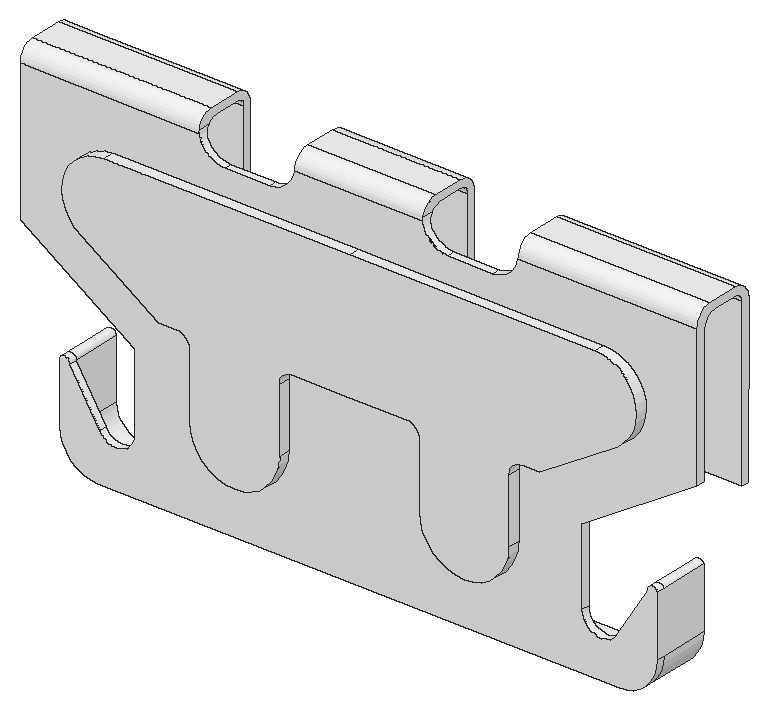
Revit family "特殊20mmWクリップ", category 機械設備, Revit 2020
Family settings
  丸型コネクタ寸法 = 直径を使用
  種別 = なし
  パーツ タイプ = 標準
  作業面ベース = いいえ
  常に垂直 = はい
  ロード時にボイドで切り取り = いいえ
  共有 = いいえ
  部屋計算ポイント = いいえ
Parameters
  製造元 = "株式会社桐井製作所"
  既定の高さ = 0 mm
  URL = "https://www.kirii.co.jp/"
  K_品名 = "特殊20mmWクリップ"
  K_名称 = "特殊クリップ"
  K_入数 = "1000"
  K_バージョン情報 = "20211012"
Reference planes
  plane 1 "中心(正面/背面)": y = 0
  plane 2: z = 0
  plane 3 "中心(左/右)": x = 0
Forms (mm)
  Extrusion 1, solid
    sketch origin (0, 30, 0) x (0, 1, 0) y (0, 0, 1)
      loop
        line (-30, 0) -> (-29.4, -0.6) -> (-29.4, 26.75)
        arc (-29.4, 26.75) -> (-29.034, 27.634) -> (-28.15, 28) r 1.25
        line (-28.15, 28) -> (-26.25, 28)
        arc (-26.25, 28) -> (-25.79, 27.81) -> (-25.6, 27.35) r 0.65
        line (-25.6, 27.35) -> (-25.6, 13.75) -> (-25, 14.35) -> (-25, 27.35)
        arc (-25, 27.35) -> (-25.366, 28.234) -> (-26.25, 28.6) r 1.25
        line (-26.25, 28.6) -> (-28.75, 28.6)
        arc (-28.75, 28.6) -> (-29.634, 28.234) -> (-30, 27.35) r 1.25
        line (-30, 27.35) -> (-30, 0)
    from -26.5 to 26.5
  Extrusion 2, void
    sketch origin (0, 0, 0) x (1, 0, 0) y (0, 0, 1)
      loop
        line (26.5, 16.35) -> (17.5, 10.5) -> (17.5, 4.5)
        arc (17.5, 4.5) -> (18.602, 3.054) -> (20.289, 3.732) r 1.5
        line (20.289, 3.732) -> (22.6, 7.611)
        arc (22.6, 7.611) -> (22.933, 8.019) -> (23.4, 7.775) r 0.417
        line (23.4, 7.775) -> (23.4, 3)
        arc (23.4, 3) -> (22.521, 0.879) -> (20.4, 0) r 3
        line (20.4, 0) -> (26.5, 0) -> (26.5, 16.35)
      loop
        line (-26.5, 16.35) -> (-26.5, 0) -> (-20.4, 0)
        arc (-20.4, 0) -> (-22.521, 0.879) -> (-23.4, 3) r 3
        line (-23.4, 3) -> (-23.4, 7.775)
        arc (-23.4, 7.775) -> (-22.933, 8.019) -> (-22.6, 7.611) r 0.417
        line (-22.6, 7.611) -> (-20.289, 3.732)
        arc (-20.289, 3.732) -> (-18.602, 3.054) -> (-17.5, 4.5) r 1.5
        line (-17.5, 4.5) -> (-17.5, 10.5) -> (-26.5, 16.35)
    from -1.85 to 0.213
  Extrusion 3, void
    sketch origin (0, -0.6, -0.8) x (0, 1, 0) y (0, 0, 1)
      loop
        line (0.387, 0.8) -> (0.387, -0.064) -> (1.428, -0.064) -> (1.428, 0.8) -> (0.387, 0.8)
    from -27.5 to 27.5
  Extrusion 4, void
    sketch origin (-10.419, 0, -0.611) x (1, 0, 0) y (0, 0, 1)
      loop
        arc (-2.081, 28.211) -> (-1.495, 26.796) -> (-0.081, 26.211) r 2
        line (-0.081, 26.211) -> (3.419, 26.211)
        arc (3.419, 26.211) -> (4.833, 26.796) -> (5.419, 28.211) r 2
        line (5.419, 28.211) -> (5.419, 29.211) -> (-2.081, 29.211) -> (-2.081, 28.211)
    from -3.583 to 0.213
  Extrusion 5, void
    sketch origin (-10.5, 0, 0) x (1, 0, 0) y (0, 0, 1)
      loop
        line (5.5, 28.6) -> (-2, 28.6) -> (-2, 13.497) -> (5.5, 13.497) -> (5.5, 28.6)
    from -3.583 to -5.28
  Extrusion 6, void
    sketch origin (10.581, 0, -0.767) x (1, 0, 0) y (0, 0, 1)
      loop
        line (1.919, 28.367) -> (1.919, 29.367) -> (-5.581, 29.367) -> (-5.581, 28.367)
        arc (-5.581, 28.367) -> (-4.995, 26.953) -> (-3.581, 26.367) r 2
        line (-3.581, 26.367) -> (-0.081, 26.367)
        arc (-0.081, 26.367) -> (1.333, 26.953) -> (1.919, 28.367) r 2
    from -3.583 to 0.213
  Extrusion 7, void
    sketch origin (10.5, 0, 7.03) x (1, 0, 0) y (0, 0, 1)
      loop
        line (-5.5, 21.57) -> (-5.5, 6.468) -> (2, 6.468) -> (2, 21.57) -> (-5.5, 21.57)
    from -3.583 to -5.28
  Extrusion 8, void
    sketch origin (0, -11.6, -5.393) x (0, 1, 0) y (0, 0, 1)
      loop
        line (15.7, 19.745) -> (15.7, 18.89) -> (16.88, 18.89) -> (16.88, 19.745) -> (15.7, 19.745)
    from -26.5 to 26.5
  Extrusion 9, solid
    sketch origin (0, 0, 0) x (1, 0, 0) y (0, 0, 1)
      loop
        arc (-19.208, 23.6) -> (-22.364, 21.243) -> (-21.002, 17.547) r 3.292
        line (-21.002, 17.547) -> (-14.93, 13.6) -> (-13.5, 13.6)
        arc (-13.5, 13.6) -> (-12.793, 13.307) -> (-12.5, 12.6) r 1
        line (-12.5, 12.6) -> (-12.5, 7.5)
        arc (-12.5, 7.5) -> (-11.475, 5.025) -> (-9, 4) r 3.5
        arc (-9, 4) -> (-6.525, 5.025) -> (-5.5, 7.5) r 3.5
        line (-5.5, 7.5) -> (-5.5, 12.6)
        arc (-5.5, 12.6) -> (-5.207, 13.307) -> (-4.5, 13.6) r 1
        line (-4.5, 13.6) -> (0, 13.6) -> (4.5, 13.6)
        arc (4.5, 13.6) -> (5.207, 13.307) -> (5.5, 12.6) r 1
        line (5.5, 12.6) -> (5.5, 7.5)
        arc (5.5, 7.5) -> (6.525, 5.025) -> (9, 4) r 3.5
        arc (9, 4) -> (11.475, 5.025) -> (12.5, 7.5) r 3.5
        line (12.5, 7.5) -> (12.5, 12.6)
        arc (12.5, 12.6) -> (12.793, 13.307) -> (13.5, 13.6) r 1
        line (13.5, 13.6) -> (14.93, 13.6) -> (21.002, 17.547)
        arc (21.002, 17.547) -> (22.364, 21.243) -> (19.208, 23.6) r 3.292
        line (19.208, 23.6) -> (0, 23.6) -> (-19.208, 23.6)
    from 0 to 0.9
  Extrusion 10, solid
    sketch origin (0, 0, 0) x (1, 0, 0) y (0, 0, 1)
      loop
        arc (-23.4, 3) -> (-22.521, 0.879) -> (-20.4, 0) r 3
        line (-20.4, 0) -> (20.4, 0)
        arc (20.4, 0) -> (22.521, 0.879) -> (23.4, 3) r 3
        line (23.4, 3) -> (23.4, 7.775)
        arc (23.4, 7.775) -> (22.933, 8.019) -> (22.6, 7.611) r 0.417
        line (22.6, 7.611) -> (22.6, 3)
        arc (22.6, 3) -> (21.956, 1.444) -> (20.4, 0.8) r 2.2
        line (20.4, 0.8) -> (-20.4, 0.8)
        arc (-20.4, 0.8) -> (-21.956, 1.444) -> (-22.6, 3) r 2.2
        line (-22.6, 3) -> (-22.6, 7.611)
        arc (-22.6, 7.611) -> (-22.933, 8.019) -> (-23.4, 7.775) r 0.417
        line (-23.4, 7.775) -> (-23.4, 3)
    from -4.5 to -0.6
Cuts and joins
  Extrusion 2, Extrusion 3, Extrusion 4, Extrusion 5, Extrusion 6, Extrusion 7, Extrusion 8 cuts Extrusion 1
  joined: Extrusion 1, Extrusion 9, Extrusion 10
Dimensions and locks
  aligned and locked: level to plane 2
